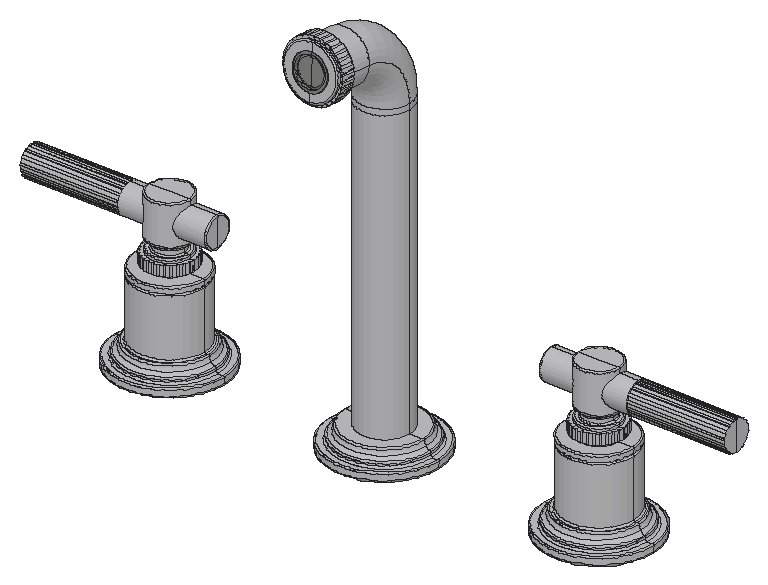
Revit family "Faucet-Wall_Mount-Lavatory-KALLISTA-Central_Park_West-P21223_1", category Plumbing Fixtures, host Face, Revit 2021 (continued)
Definition of nested family "P21223_Handle"
  Lines and regions (in)
    symbolic lines, detail levels medium+fine
      curve 106: arc (0.29402, 0.35647, 0) -> (0.27168, 0.37378, 0) -> (0.24832, 0.38969, 0) r 0.46208
      curve 107: arc (0.21408, 0.40949, 0) -> (0.18822, 0.42201, 0) -> (0.16162, 0.43289, 0) r 0.46208
      curve 108: arc (0.12332, 0.44532, 0) -> (0.09591, 0.45202, 0) -> (0.06814, 0.45703, 0) r 0.46208
      curve 109: arc (0.35662, 0.28005, 0) -> (0.35904, 0.28379, 0) -> (0.36225, 0.28686, 0) r 0.01906
      curve 110: arc (-0.36225, -0.28686, 0) -> (-0.34367, -0.30888, 0) -> (-0.32375, -0.3297, 0) r 0.46208
      curve 111: arc (-0.16165, -0.43288, 0) -> (-0.13636, -0.42018, 0) -> (-0.12335, -0.44531, 0) r 0.02014
      curve 112: arc (-0.06817, -0.45702, 0) -> (-0.04646, -0.43979, 0) -> (-0.02883, -0.46118, 0) r 0.01979
      curve 113: arc (0.02879, -0.46118, 0) -> (0.04643, -0.43979, 0) -> (0.06814, -0.45703, 0) r 0.01979
      curve 114: arc (-0.24834, -0.38967, 0) -> (-0.22189, -0.38344, 0) -> (-0.21411, -0.40948, 0) r 0.01981
      curve 115: arc (-0.32375, -0.3297, 0) -> (-0.29628, -0.32907, 0) -> (-0.29404, -0.35645, 0) r 0.02003
      curve 116: arc (0.29402, -0.35647, 0) -> (0.29625, -0.32907, 0) -> (0.32373, -0.32972, 0) r 0.02003
      curve 117: arc (0.21408, -0.40949, 0) -> (0.22186, -0.38344, 0) -> (0.24832, -0.38969, 0) r 0.01981
      curve 118: arc (0.12332, -0.44532, 0) -> (0.13633, -0.42018, 0) -> (0.16162, -0.43289, 0) r 0.02014
      curve 119: arc (-0.35662, -0.28005, 0) -> (-0.35904, -0.28379, 0) -> (-0.36225, -0.28686, 0) r 0.01906
      curve 120: arc (-0.29404, -0.35645, 0) -> (-0.2717, -0.37376, 0) -> (-0.24834, -0.38967, 0) r 0.46208
      curve 121: arc (-0.21411, -0.40948, 0) -> (-0.18824, -0.422, 0) -> (-0.16165, -0.43288, 0) r 0.46208
      curve 122: arc (-0.12335, -0.44531, 0) -> (-0.09594, -0.45201, 0) -> (-0.06817, -0.45702, 0) r 0.46208
      curve 123: arc (-0.02883, -0.46118, 0) -> (-0.00493, -0.46205, 0) -> (0.01899, -0.46169, 0) r 0.46208
      curve 124: arc (0.36225, -0.28686, 0) -> (0.34366, -0.30889, 0) -> (0.32373, -0.32972, 0) r 0.46208
      curve 125: arc (0.29402, -0.35647, 0) -> (0.27168, -0.37378, 0) -> (0.24832, -0.38969, 0) r 0.46208
      curve 126: arc (0.21408, -0.40949, 0) -> (0.18822, -0.42201, 0) -> (0.16162, -0.43289, 0) r 0.46208
      curve 127: arc (0.12332, -0.44532, 0) -> (0.09591, -0.45202, 0) -> (0.06814, -0.45703, 0) r 0.46208
      curve 128: arc (0.35662, -0.28005, 0) -> (0.35904, -0.28379, 0) -> (0.36225, -0.28686, 0) r 0.01906
      curve 129: line (-2.56105, 0.02221, 0) -> (-0.73914, 0.02221, 0)
      curve 130: line (-2.56105, -0.02221, 0) -> (-0.73914, -0.02221, 0)
      curve 131: line (-0.69444, 0.01538, 0) -> (-0.69444, -0.01535, 0)
      curve 132: line (-0.69444, 0.01538, 0) -> (-0.73914, 0.02221, 0)
      curve 133: line (-0.69444, -0.01535, 0) -> (-0.73914, -0.02221, 0)
      curve 134: line (-2.56105, 0.10862, 0) -> (-0.73914, 0.10862, 0)
      curve 135: line (-2.56105, 0.0642, 0) -> (-0.73914, 0.0642, 0)
      curve 136: line (-0.69444, 0.10179, 0) -> (-0.69444, 0.07106, 0)
      curve 137: line (-0.69444, 0.10179, 0) -> (-0.73914, 0.10862, 0)
      curve 138: line (-0.69444, 0.07106, 0) -> (-0.73914, 0.0642, 0)
      curve 139: line (-2.56105, 0.21309, 0) -> (-0.73914, 0.21309, 0)
      curve 140: line (-2.56105, 0.16867, 0) -> (-0.73914, 0.16867, 0)
      curve 141: line (-0.69444, 0.20625, 0) -> (-0.69444, 0.17553, 0)
      curve 142: line (-0.69444, 0.20625, 0) -> (-0.73914, 0.21309, 0)
      curve 143: line (-0.69444, 0.17553, 0) -> (-0.73914, 0.16867, 0)
      curve 144: line (-2.56105, 0.26019, 0) -> (-0.81715, 0.26019, 0)
      curve 145: line (-0.81715, 0.28005, 0) -> (-0.81715, 0.26019, 0)
      curve 146: line (-2.56105, -0.10862, 0) -> (-0.73914, -0.10862, 0)
      curve 147: line (-2.56105, -0.0642, 0) -> (-0.73914, -0.0642, 0)
      curve 148: line (-0.69444, -0.10179, 0) -> (-0.69444, -0.07106, 0)
      curve 149: line (-0.69444, -0.10179, 0) -> (-0.73914, -0.10862, 0)
      curve 150: line (-0.69444, -0.07106, 0) -> (-0.73914, -0.0642, 0)
      curve 151: line (-2.56105, -0.21309, 0) -> (-0.73914, -0.21309, 0)
      curve 152: line (-2.56105, -0.16867, 0) -> (-0.73914, -0.16867, 0)
      curve 153: line (-0.69444, -0.20625, 0) -> (-0.69444, -0.17553, 0)
      curve 154: line (-0.69444, -0.20625, 0) -> (-0.73914, -0.21309, 0)
      curve 155: line (-0.69444, -0.17553, 0) -> (-0.73914, -0.16867, 0)
      curve 156: line (-2.56105, -0.26019, 0) -> (-0.81715, -0.26019, 0)
      curve 157: line (-0.81715, -0.28005, 0) -> (-0.81715, -0.26019, 0)
      curve 158: line (0.45572, 0, 1.7051) -> (0.45572, 0, 1.88552)
      curve 159: line (0.44728, 0, 1.88552) -> (0.44728, 0, 1.7051)
      curve 160: line (0.42978, 0, 1.7051) -> (0.42978, 0, 1.88552)
      curve 161: line (0.41382, 0, 1.88552) -> (0.41382, 0, 1.7051)
      curve 162: line (0.38465, 0, 1.7051) -> (0.38465, 0, 1.88552)
      curve 163: line (0.32373, 0, 1.7051) -> (0.32373, 0, 1.88552)
      curve 164: line (0.29402, 0, 1.88552) -> (0.29402, 0, 1.7051)
      curve 165: line (0.24832, 0, 1.7051) -> (0.24832, 0, 1.88552)
      curve 166: line (0.21408, 0, 1.88552) -> (0.21408, 0, 1.7051)
      curve 167: line (0.16162, 0, 1.7051) -> (0.16162, 0, 1.88552)
      curve 168: line (0.12332, 0, 1.88552) -> (0.12332, 0, 1.7051)
      curve 169: line (0.06814, 0, 1.7051) -> (0.06814, 0, 1.88552)
      curve 170: line (0.02879, 0, 1.88552) -> (0.02879, 0, 1.7051)
      curve 171: line (-0.02883, 0, 1.7051) -> (-0.02883, 0, 1.88552)
      curve 172: line (0.36224, 0, 1.88552) -> (0.36224, 0, 1.7051)
      curve 173: line (-0.45572, 0, 1.7051) -> (-0.45572, 0, 1.88552)
      curve 174: line (-0.44728, 0, 1.88552) -> (-0.44728, 0, 1.7051)
      curve 175: line (-0.42978, 0, 1.7051) -> (-0.42978, 0, 1.88552)
      curve 176: line (-0.41382, 0, 1.88552) -> (-0.41382, 0, 1.7051)
      curve 177: line (-0.38465, 0, 1.7051) -> (-0.38465, 0, 1.88552)
      curve 178: line (-0.32373, 0, 1.7051) -> (-0.32373, 0, 1.88552)
      curve 179: line (-0.29402, 0, 1.88552) -> (-0.29402, 0, 1.7051)
      curve 180: line (-0.24832, 0, 1.7051) -> (-0.24832, 0, 1.88552)
      curve 181: line (-0.21408, 0, 1.88552) -> (-0.21408, 0, 1.7051)
      curve 182: line (-0.16162, 0, 1.7051) -> (-0.16162, 0, 1.88552)
      curve 183: line (-0.12332, 0, 1.88552) -> (-0.12332, 0, 1.7051)
      curve 184: line (-0.06814, 0, 1.7051) -> (-0.06814, 0, 1.88552)
      curve 185: line (-0.36224, 0, 1.88552) -> (-0.36224, 0, 1.7051)
      curve 186: line (0.86065, 0, 0.21162) -> (-0.86065, 0, 0.21162)
      curve 187: line (-0.73841, 0, 2.7724) -> (-2.5584, 0, 2.7724)
      curve 188: line (-2.56102, 0, 2.74494) -> (-0.73841, 0, 2.74494)
      curve 189: line (-0.73841, 0, 2.72448) -> (-2.56102, 0, 2.72448)
      curve 190: line (-2.56102, 0, 2.67416) -> (-0.73841, 0, 2.67416)
      curve 191: line (-0.73841, 0, 2.64149) -> (-2.56102, 0, 2.64149)
      curve 192: line (-2.56102, 0, 2.57551) -> (-0.73841, 0, 2.57551)
      curve 193: line (-0.73841, 0, 2.53889) -> (-2.56102, 0, 2.53889)
      curve 194: line (-0.73841, 0, 2.74494) -> (-0.73841, 0, 2.78231)
      curve 195: line (-0.73841, 0, 2.72448) -> (-0.73841, 0, 2.67416)
      curve 196: line (-0.73841, 0, 2.64149) -> (-0.73841, 0, 2.57551)
      curve 197: line (-0.73841, 0, 2.53889) -> (-0.73841, 0, 2.46567)
      curve 198: line (-0.73841, 0, 2.23216) -> (-2.5584, 0, 2.23216)
      curve 199: line (-2.56102, 0, 2.25962) -> (-0.73841, 0, 2.25962)
      curve 200: line (-0.73841, 0, 2.28008) -> (-2.56102, 0, 2.28008)
      curve 201: line (-2.56102, 0, 2.3304) -> (-0.73841, 0, 2.3304)
      curve 202: line (-0.73841, 0, 2.36307) -> (-2.56102, 0, 2.36307)
      curve 203: line (-2.56102, 0, 2.42904) -> (-0.73841, 0, 2.42904)
      curve 204: line (-0.73841, 0, 2.46567) -> (-2.56102, 0, 2.46567)
      curve 205: line (-0.73841, 0, 2.25962) -> (-0.73841, 0, 2.22224)
      curve 206: line (-0.73841, 0, 2.28008) -> (-0.73841, 0, 2.3304)
      curve 207: line (-0.73841, 0, 2.36307) -> (-0.73841, 0, 2.42904)
  Dimensions and locks (in)
    locked: plane 13 to plane 12 at 2.04724
    locked: plane 12 to plane 13 at 2.04724
    plane 3 "Center (Left/Right)" to plane 8 = 2.56105"
    aligned and locked: plane 2 to level
Types (7): name | Type | Product Page URL | Model | Finish
  (no name) | 1 | "https://www.kallista.com/bathroom/faucets/sink-faucets/central-park-west-wall-mount-sink-faucet-lever-handles-p21223-lv-cp" | "P21223-LV-CP" | Kallista-Metal-CP-Chrome
  CP-Chrome | 1 | "https://www.kallista.com/bathroom/faucets/sink-faucets/central-park-west-wall-mount-sink-faucet-lever-handles-p21223-lv-cp" | "P21223-LV-CP" | Kallista-Metal-CP-Chrome
  BN-Brushed Nickel | 2 | "https://www.kallista.com/bathroom/faucets/sink-faucets/central-park-west-wall-mount-sink-faucet-lever-handles-p21223-lv-cp" | "P21223-LV-BN" | Kallista-Metal-BN-Brushed_Nickel
  BV-Brushed Bronze | 3 | "https://www.kallista.com/bathroom/faucets/sink-faucets/central-park-west-wall-mount-sink-faucet-lever-handles-p21223-lv-bv" | "P21223-LV-BV" | Kallista-Metal-BV-Brushed_Bronze
  SN-Polished Nickel | 4 | "https://www.kallista.com/bathroom/faucets/sink-faucets/central-park-west-wall-mount-sink-faucet-lever-handles-p21223-lv-sn" | "P21223-LV-SN" | Kallista-Metal-SN-Polished_Nickel
  ULB-Unlaquered Brass | 5 | "https://www.kallista.com/bathroom/faucets/sink-faucets/central-park-west-wall-mount-sink-faucet-lever-handles-p21223-lv-ulb" | "P21223-LV-ULB" | Kallista-Metal-ULB-Unlaquered_Brass
  BAF-Brushed French Gold | 6 | "https://www.kallista.com/bathroom/faucets/sink-faucets/central-park-west-wall-mount-sink-faucet-lever-handles-p21223-lv-cp" | "P21223-LV-BAF" | Kallista-Metal-BAF-Brushed_French_Gold
